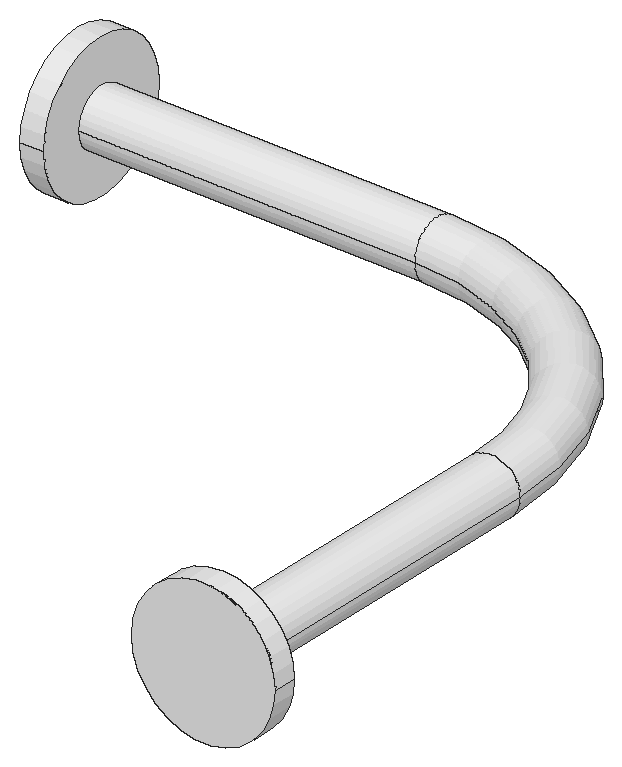
Revit family "Barra_Apoio_L", category Plumbing Fixtures, Revit 2020
Family settings
  Round Connector Dimension = Use Diameter
  Part Type = Normal
  OmniClass Number = 23.45.00.00
  OmniClass Title = Sanitary, Laundry, and Cleaning Equipment
  Work Plane-Based = No
  Always vertical = Yes
  Cut with Voids When Loaded = No
  Shared = No
  Room Calculation Point = No
Parameters (values of type "BAA_L35")
  Material_Barrra = CT_Cromados
  Description = "Descrição do tipo"
  Default Elevation = 0.000 m
  Barra_Raio [instance] = 0.150 m
  Barra_Comprimento = 0.350 m
  Barra_Altura [instance] = 0.700 m
Reference planes (m)
  plane 1 "Center (Front/Back)": y = 0
  plane 2: z = 0
  plane 3 "Center (Left/Right)": x = 0
  plane 4 "Altura": z = 0.7
  plane 5: x = 0.35
  plane 6: y = 0.35
Forms (m)
  Sweep 1, solid, material "CT_Cromados" <- "Material_Barrra"
    path origin (0, 0, 0.7) x (1, 0, 0) y (0, 1, 0)
      loop
        line (0.35, 0) -> (0.35, 0.2)
        arc (0.35, 0.2) -> (0.306066, 0.306066) -> (0.2, 0.35) r 0.15
        line (0.2, 0.35) -> (0, 0.35)
    profile origin (0.35, 0.1, 0.7) x (-1, 0, 0) y (0, 0, 1)
      loop
        circle (0, 0) r 0.015971
  Extrusion 2, solid, material "CT_Cromados" <- "Material_Barrra"
    sketch origin (0, 1.315552, 0.600377) x (0, 1, 0) y (0, 0, -1)
      loop
        circle (-0.965552, -0.099623) r 0.04
    from 0 to -0.013
  Extrusion 3, solid, material "CT_Cromados" <- "Material_Barrra"
    sketch origin (1.315552, 0, 0.600377) x (1, 0, 0) y (0, 0, 1)
      loop
        circle (-0.965552, 0.099623) r 0.04
    from 0 to -0.013
Cuts and joins
  joined: Sweep 1, Extrusion 2, Extrusion 3
Dimensions and locks (m)
  "Barra_Altura": level to plane 4 "Altura"
  "Barra_Comprimento": plane 6 to plane 1 "Center (Front/Back)"
  "Barra_Comprimento": plane 3 "Center (Left/Right)" to plane 5
  "Barra_Raio": radius of Sweep 1 sketch curve
  aligned and locked: level to plane 2
  aligned and locked: Extrusion 2 to plane 3 "Center (Left/Right)"
  aligned and locked: plane 6 to Sweep 1 sketch curve
  aligned and locked: plane 5 to Sweep 1 sketch curve
  aligned and locked: plane 1 "Center (Front/Back)" to Extrusion 3
  aligned and locked: Sweep 1 to plane 3 "Center (Left/Right)"
Automatic sketch dimensions
  Sweep 1 sketch curve to plane 4 "Altura" = 0.000 m
  Sweep 1 sketch curve to profile plane = 0.000 m
  Extrusion 2 sketch curve to plane 4 "Altura" = 0.000 m
  Extrusion 2 sketch curve to plane 6 = 0.000 m
  Extrusion 3 sketch curve to plane 4 "Altura" = 0.000 m
  Extrusion 3 sketch curve to plane 5 = 0.000 m
  Sweep 1 sketch curve to plane 3 "Center (Left/Right)" = 0.000 m
  plane 1 "Center (Front/Back)" to Sweep 1 sketch curve = 0.000 m
  radius of Sweep 1 sketch curve = 0.015971 m
  radius of Extrusion 2 sketch curve = 0.040 m
  radius of Extrusion 3 sketch curve = 0.040 m
